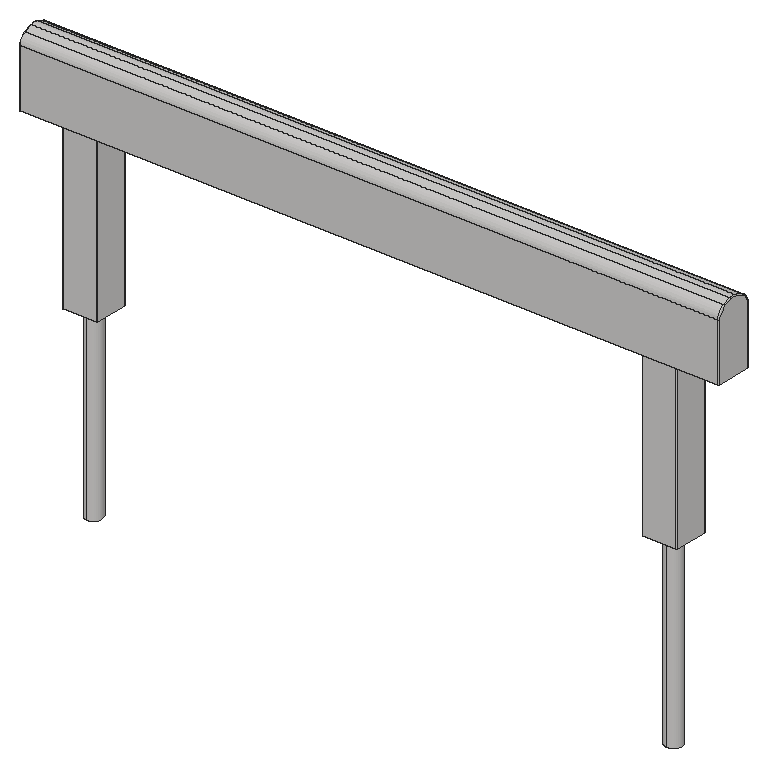
Revit family "PRD_AR_TpsAndWtrSpplOtltFttngs_FittingUnit_AQFU0235-AQFU0239 2", category Plumbing Fixtures, Revit 2023
Family settings
  Round Connector Dimension = Use Diameter
  Part Type = Normal
  OmniClass Number = 23.45.55.11
  OmniClass Title = Sanitary Components
  Work Plane-Based = No
  Enable Cutting in Views = No
  Always vertical = Yes
  Cut with Voids When Loaded = No
  Maintain Annotation Orientation = No
  Shared = No
  Room Calculation Point = No
Parameters (values of type "AQFU0235")
  Width = 1400 mm
  WashPlaceWidth = "700 mm"
  WarrantyStartDate [instance] = "1900-12-31T23:59:59"
  WarrantyGuarantorParts = "n/a"
  WarrantyGuarantorLabor = "n/a"
  WarrantyDurationUnit = "n/a"
  WarrantyDurationParts = "n/a"
  WarrantyDurationLabor = "n/a"
  WarrantyDescription = "n/a"
  Version = "1"
  Uniclass2015Version = "Products v1.38"
  Uniclass2015Title = "Taps and water supply outlet fittings"
  Uniclass2015Code = "Pr_40_20_87"
  URL = "www.kwc-professional.com"
  TypeOfMounting = "mounted on product"
  TypeOfMixing = "yes"
  Type IFC Predefined Type = "USERDEFINED"
  TagNumber [instance] = "n/a"
  SwapMiddleSupport [instance] = no
  SustainabilityPerformance = "n/a"
  Status = "New"
  Size = "1400 x 470 x 73 mm (W x H x D)"
  Shape = "n/a"
  SerialNumber [instance] = "n/a"
  Revision = "n/a"
  ReplacementCost = "n/a"
  Reference = "n/a"
  ProductInformation = "http://pim.kwc.com/product/2030064973/attachment/datasheet?locale=en"
  PositionOfWaterConnection = "from bottom"
  PipingMaterial = PRD_AR_StainlessSteel_HighPolished
  OverallWidth = "1,400 mm"
  OverallHeight = "470 mm"
  OverallDepth = "73 mm"
  OutletSize = 15.0 mm
  InletConversionSize = 25.0 mm
  NumberOfWashPlaces = "4"
  NominalWidth = 1400 mm
  NominalHeight = 470 mm
  NominalDepth = 73 mm
  Name = "Fitting unit for double-row sanitary facilities AQFU0235"
  NBSTypeID = "n/a"
  NBSReference = "n/a"
  NBSOfficeMasterTag = "n/a"
  NBSNote = "n/a"
  NBSDescription = "n/a"
  NBSCertification = "n/a"
  ModelReference = "AQFU0235"
  ModelNumber = "2030064973"
  Model = ModelReference  # "AQFU0235"
  Material = "stainless steel"
  ManufacturerURL = "www.kwc-professional.com"
  ManufacturerName = "KWC Group Management AG"  # constant formula
  Manufacturer = ManufacturerName  # "KWC Group Management AG"
  InstallationDate [instance] = "1900-12-31T23:59:59"
  InletSize = "G1B"
  IfcExportType = "USERDEFINED"
  IfcExportAs = "IfcDistributionChamberElement"
  HygieneFlushing = "no"
  HalfWidth = Width / 2  # 700 mm
  Grade = "n/a"
  FlowHotWater = 0.0 L/s
  FlowColdWater = 0.0 L/s
  Fitting = "separately"
  Finish = "satin finished"
  Features = "With 4 wash places, housing width 1400 mm. Wash place width 700 mm."
  Export Type to IFC As = "IfcDistributionChamberElementType"
  ExpectedLife = "n/a"
  DurationUnit = "n/a"
  Description = "Fitting unit ready for connection with 4 wash places, for mounting on double-row sanitary facilities, for connection to hot and cold water from below via guide pipe holders. Housing made of stainless steel, satin finished with pre-assembled fitting connection blocks, connection options for power supply to electronic fittings, and stainless steel piping."
  Default Elevation = 0 mm
  CreatedOn = "12/2025"  # constant formula
  Constituents = "n/a"
  Color = "n/a"
  CodePerformance = "n/a"
  Circulation = "no"
  Category = "Pr_40_20_87, Taps and water supply outlet fittings"
  BodyMaterial = PRD_AR_StainlessSteel_SatinFinished
  BarCode [instance] = "n/a"
  BIMObjectName = "PRD_AR_TapsAndWaterSupplyOutletFittings_FittingUnit_AQFU0235"
  Author = "Archispace"  # constant formula
  AssetType = "Fixed"
  AssetIdentifier [instance] = "n/a"
  AccessibilityPerformance = "n/a"
Types (5, lengths in mm): name | Width | Size | ProductInformation | OverallWidth | NumberOfWashPlaces | NominalWidth | Name | ModelReference | ModelNumber | Model | HalfWidth | Features | Description | BIMObjectName
  AQFU0235 | 1400 | "1400 x 470 x 73 mm (W x H x D)" | "http://pim.kwc.com/product/2030064973/attachment/datasheet?locale=en" | "1,400 mm" | "4" | 1400 | "Fitting unit for double-row sanitary facilities AQFU0235" | "AQFU0235" | "2030064973" | "AQFU0235" | 700 | "With 4 wash places, housing width 1400 mm. Wash place width 700 mm." | "Fitting unit ready for connection with 4 wash places, for mounting on double-row sanitary facilities, for connection to hot and cold water from below via guide pipe holders. Housing made of stainless steel, satin finished with pre-assembled fitting connection blocks, connection options for power supply to electronic fittings, and stainless steel piping." | "PRD_AR_TapsAndWaterSupplyOutletFittings_FittingUnit_AQFU0235"
  AQFU0236 | 2100 | "2100 x 470 x 73 mm (W x H x D)" | "http://pim.kwc.com/product/2030064974/attachment/datasheet?locale=en" | "2,100 mm" | "6" | 2100 | "Fitting unit for double-row sanitary facilities AQFU0236" | "AQFU0236" | "2030064974" | "AQFU0236" | 1050 | "With 6 wash places, housing width 2100 mm. Wash place width 700 mm." | "Fitting unit ready for connection with 6 wash places, for mounting on double-row sanitary facilities, for connection to hot and cold water from below via guide pipe holders. Housing made of stainless steel, satin finished with pre-assembled fitting connection blocks, connection options for power supply to electronic fittings, and stainless steel piping." | "PRD_AR_TapsAndWaterSupplyOutletFittings_FittingUnit_AQFU0236"
  AQFU0237 | 2800 | "2800 x 470 x 73 mm (W x H x D)" | "http://pim.kwc.com/product/2030064977/attachment/datasheet?locale=en" | "2,800 mm" | "8" | 2800 | "Fitting unit for double-row sanitary facilities AQFU0237" | "AQFU0237" | "2030064977" | "AQFU0237" | 1400 | "With 8 wash places, housing width 2800 mm. Wash place width 700 mm." | "Fitting unit ready for connection with 8 wash places, for mounting on double-row sanitary facilities, for connection to hot and cold water from below via guide pipe holders. Housing made of stainless steel, satin finished with pre-assembled fitting connection blocks, connection options for power supply to electronic fittings, and stainless steel piping." | "PRD_AR_TapsAndWaterSupplyOutletFittings_FittingUnit_AQFU0237"
  AQFU0238 | 3500 | "3500 x 470 x 73 mm (W x H x D)" | "http://pim.kwc.com/product/2030064979/attachment/datasheet?locale=en" | "3,500 mm" | "10" | 3500 | "Fitting unit for double-row sanitary facilities AQFU0238" | "AQFU0238" | "2030064979" | "AQFU0238" | 1750 | "With 10 wash places, housing width 3500 mm. Wash place width 700 mm." | "Fitting unit ready for connection with 10 wash places, for mounting on double-row sanitary facilities, for connection to hot and cold water from below via guide pipe holders. Housing made of stainless steel, satin finished with pre-assembled fitting connection blocks, connection options for power supply to electronic fittings, and stainless steel piping." | "PRD_AR_TapsAndWaterSupplyOutletFittings_FittingUnit_AQFU0238"
  AQFU0239 | 4200 | "4200 x 470 x 73 mm (W x H x D)" | "http://pim.kwc.com/product/2030064984/attachment/datasheet?locale=en" | "4,200 mm" | "12" | 4200 | "Fitting unit for double-row sanitary facilities AQFU0239" | "AQFU0239" | "2030064984" | "AQFU0239" | 2100 | "With 12 wash places, housing width 4200 mm. Wash place width 700 mm." | "Fitting unit ready for connection with 12 wash places, for mounting on double-row sanitary facilities, for connection to hot and cold water from below via guide pipe holders. Housing made of stainless steel, satin finished with pre-assembled fitting connection blocks, connection options for power supply to electronic fittings, and stainless steel piping." | "PRD_AR_TapsAndWaterSupplyOutletFittings_FittingUnit_AQFU0239"
Reference planes
  plane 1 "Center (Front/Back)": y = 0
  plane 2: z = 0
  plane 3 "Center (Left/Right)": x = 0
Dimensions and locks
  aligned and locked: level to plane 2
Nested families
  nested 1: "AQFU02 double" at (0, 0, 0), SwapMiddleSupport <- "SwapMiddleSupport", type "AQFU02 double"
    with SwapMiddleSupport no, MiddleSupportRight no, MiddleSupportLeft no, 4 and 5 and 6 connections no, X 350 mm, Width 1400 mm, BasicWidth 1400 mm
Connectors
  piping at (-580, 0, -375), diameter 25, driven by "InletConversionSize", driven by "FlowHotWater", driven by "InletSize"
    settings: on nested 1, index 1, connector inside diameter 609.6 mm, connector length 0 mm, flow factor 0, pipe flow 0.0 L/s, pressure drop 0.0 Pa, fitting loss kfactor 0, connector angle 0.00°, fixture units 0, engagement length 0 mm, angle of deflection 0.00°, flow configuration 0, flow direction 1, fitting loss method 0, system type 19, joint type 0, gender type 0, connector reference index -1, connector utility 0, adjustable connector no, is connector primary yes, connector description "G1B"
  piping at (580, 0, -375), diameter 25, driven by "InletConversionSize", driven by "FlowColdWater", driven by "InletSize"
    settings: on nested 1, index 2, connector inside diameter 609.6 mm, connector length 0 mm, flow factor 0, pipe flow 0.0 L/s, pressure drop 0.0 Pa, fitting loss kfactor 0, connector angle 0.00°, fixture units 0, engagement length 0 mm, angle of deflection 0.00°, flow configuration 0, flow direction 1, fitting loss method 0, system type 20, joint type 0, gender type 0, connector reference index -1, connector utility 0, adjustable connector no, is connector primary no, connector description "G1B"
Definition of nested family "AQFU02 double"
  Parameters (values of type "AQFU02 double")
    Z = if([6 connections], X, 100 mm)  # 100 mm
    Y = if([5 connections], X, 0 mm)  # 0 mm
    X = BasicWidth / 4  # 400 mm
    Width = 1600 mm
    W = if([4 connections], X, if([5 connections], X * 2, if([6 connections], X * 3, 100 mm)))  # 100 mm
    SwapMiddleSupport [instance] = no
    PipingMaterial = none
    MiddleSupportRight [instance] = and(SwapMiddleSupport, [4 and 5 and 6 connections])  # no
    MiddleSupportLeft [instance] = and(not(SwapMiddleSupport), [4 and 5 and 6 connections])  # no
    BodyMaterial = none
    Default Elevation = 0 mm
    BasicWidth = 1600 mm
    6 connections = Width = BasicWidth + 8 * X  # no
    5 connections = Width = BasicWidth + 6 * X  # no
    4 connections = Width = BasicWidth + 4 * X  # no
    4 and 5 and 6 connections [instance] = Width > BasicWidth + 2 * X  # no
    3 connections = Width = BasicWidth + 2 * X  # no
    3 and 5 connections = or(Width = BasicWidth + 2 * X, Width = BasicWidth + 6 * X)  # no
    2 connections = Width = BasicWidth  # yes
  Reference planes
    plane 1 "Center (Front/Back)": y = 0
    plane 2: z = 0
    plane 3 "Center (Left/Right)": x = 0
    plane 4: x = -800
    plane 5: x = 800
    plane 6: z = 395
    plane 7: z = 325
    plane 8: z = -375
    plane 9: z = 468.46
    plane 10: x = -680
    plane 11: x = 680
    plane 12: y = 36.5
    plane 13: y = -36.5
    plane 14: y = 35
    plane 15: y = -35
    plane 16: x = -400
    plane 17: x = 400
    plane 18: x = -100
    plane 19: x = 100
    plane 20: x = -100
    plane 21: x = 100
    plane 22: x = 0
    plane 23: z = -355
    plane 24: x = 0
  Forms (mm)
    Sweep 1, solid, material <- "BodyMaterial", detail levels fine
      path origin (0, 0, 0) x (1, 0, 0) y (0, 0, 1)
        loop
          line (-800, 325) -> (800, 325)
      profile origin (0, 0, 325) x (0, 0, 1) y (0, -1, 0)
        loop
          line (0, -36.5) -> (116.5, -36.5)
          arc (116.5, -36.5) -> (128.832, -32.612) -> (136.703, -22.353) r 21.5
          line (136.703, -22.353) -> (142.163, -7.353)
          arc (142.163, -7.353) -> (143.46, 0) -> (142.163, 7.353) r 21.5
          line (142.163, 7.353) -> (136.703, 22.353)
          arc (136.703, 22.353) -> (128.832, 32.612) -> (116.5, 36.5) r 21.5
          line (116.5, 36.5) -> (0, 36.5) -> (0, -36.5)
    Sweep 2, solid, material <- "BodyMaterial", detail levels fine
      path origin (0, 0, 0) x (1, 0, 0) y (0, 0, 1)
        loop
          line (-680, 325) -> (-680, 0)
      profile origin (-680, 0, 162.5) x (0, -1, 0) y (1, 0, 0)
        loop
          arc (-35, -33) -> (-34.414, -34.414) -> (-33, -35) r 2
          line (-33, -35) -> (33, -35)
          arc (33, -35) -> (34.414, -34.414) -> (35, -33) r 2
          line (35, -33) -> (35, 33)
          arc (35, 33) -> (34.414, 34.414) -> (33, 35) r 2
          line (33, 35) -> (-33, 35)
          arc (-33, 35) -> (-34.414, 34.414) -> (-35, 33) r 2
          line (-35, 33) -> (-35, -33)
    Sweep 3, solid, material <- "PipingMaterial"
      path origin (0, 0, 0) x (1, 0, 0) y (0, 0, 1)
        loop
          line (-680, 0) -> (-680, -375)
      profile origin (-680, 0, -187.5) x (0, -1, 0) y (1, 0, 0)
        loop
          circle (0, 0) r 16.5
    Sweep 4, void
      path in 3D
        loop
          line (-800, -36.5, 325) -> (-800, -36.5, 441.5)
          arc (-800, -36.5, 441.5) -> (-800, -32.612, 453.832) -> (-800, -22.353, 461.703) r 21.5
          line (-800, -22.353, 461.703) -> (-800, -7.353, 467.163)
          arc (-800, -7.353, 467.163) -> (-800, 0, 468.46) -> (-800, 7.353, 467.163) r 21.5
          line (-800, 7.353, 467.163) -> (-800, 22.353, 461.703)
          arc (-800, 22.353, 461.703) -> (-800, 32.612, 453.832) -> (-800, 36.5, 441.5) r 21.5
          line (-800, 36.5, 441.5) -> (-800, 36.5, 325)
      profile origin (-800, -36.5, 383.25) x (0, 1, 0) y (-1, 0, 0)
        loop
          line (0, 0) -> (0, -2)
          arc (0, -2) -> (0.586, -0.586) -> (2, 0) r 2
          line (2, 0) -> (0, 0)
    Sweep 5, void
      path in 3D
        loop
          line (800, 36.5, 325) -> (800, 36.5, 441.5)
          arc (800, 36.5, 441.5) -> (800, 32.612, 453.832) -> (800, 22.353, 461.703) r 21.5
          line (800, 22.353, 461.703) -> (800, 7.353, 467.163)
          arc (800, 7.353, 467.163) -> (800, 0, 468.46) -> (800, -7.353, 467.163) r 21.5
          line (800, -7.353, 467.163) -> (800, -22.353, 461.703)
          arc (800, -22.353, 461.703) -> (800, -32.612, 453.832) -> (800, -36.5, 441.5) r 21.5
          line (800, -36.5, 441.5) -> (800, -36.5, 325)
      profile origin (800, -36.5, 383.25) x (1, 0, 0) y (0, 1, 0)
        loop
          line (0, 0) -> (0, 2)
          arc (0, 2) -> (-0.586, 0.586) -> (-2, 0) r 2
          line (-2, 0) -> (0, 0)
    Sweep 6, solid, material <- "BodyMaterial", detail levels fine
      path origin (0, 0, 0) x (-1, 0, 0) y (0, 0, -1)
        loop
          line (-680, -325) -> (-680, 0)
      profile origin (680, 0, 162.5) x (0, -1, 0) y (1, 0, 0)
        loop
          line (-35, 33) -> (-35, -33)
          arc (-35, -33) -> (-34.414, -34.414) -> (-33, -35) r 2
          line (-33, -35) -> (33, -35)
          arc (33, -35) -> (34.414, -34.414) -> (35, -33) r 2
          line (35, -33) -> (35, 33)
          arc (35, 33) -> (34.414, 34.414) -> (33, 35) r 2
          line (33, 35) -> (-33, 35)
          arc (-33, 35) -> (-34.414, 34.414) -> (-35, 33) r 2
    Sweep 7, solid, material <- "PipingMaterial"
      path origin (0, 0, 0) x (-1, 0, 0) y (0, 0, -1)
        loop
          line (-680, 0) -> (-680, 375)
      profile origin (680, 0, -187.5) x (0, -1, 0) y (1, 0, 0)
        loop
          circle (0, 0) r 16.5
    Sweep 8, solid, material <- "BodyMaterial", visible <- "MiddleSupportLeft", detail levels fine
      path origin (480, 0, 0) x (1, 0, 0) y (0, 0, 1)
        loop
          line (-480, 325) -> (-480, 0)
      profile origin (0, 0, 162.5) x (0, -1, 0) y (1, 0, 0)
        loop
          arc (-35, -33) -> (-34.414, -34.414) -> (-33, -35) r 2
          line (-33, -35) -> (33, -35)
          arc (33, -35) -> (34.414, -34.414) -> (35, -33) r 2
          line (35, -33) -> (35, 33)
          arc (35, 33) -> (34.414, 34.414) -> (33, 35) r 2
          line (33, 35) -> (-33, 35)
          arc (-33, 35) -> (-34.414, 34.414) -> (-35, 33) r 2
          line (-35, 33) -> (-35, -33)
    Sweep 9, solid, material <- "PipingMaterial", visible <- "MiddleSupportLeft"
      path origin (480, 0, -360) x (1, 0, 0) y (0, 0, 1)
        loop
          line (-480, 360) -> (-480, 5)
      profile origin (0, 0, -177.5) x (0, -1, 0) y (1, 0, 0)
        loop
          circle (0, 0) r 5
    Sweep 10, solid, material <- "BodyMaterial", detail levels medium
      path origin (0, 0, 0) x (1, 0, 0) y (0, 0, 1)
        loop
          line (-800, 325) -> (800, 325)
      profile origin (0, 0, 325) x (0, 0, 1) y (0, -1, 0)
        loop
          line (0, -36.5) -> (116.5, -36.5)
          arc (116.5, -36.5) -> (128.832, -32.612) -> (136.703, -22.353) r 21.5
          line (136.703, -22.353) -> (142.163, -7.353)
          arc (142.163, -7.353) -> (143.46, 0) -> (142.163, 7.353) r 21.5
          line (142.163, 7.353) -> (136.703, 22.353)
          arc (136.703, 22.353) -> (128.832, 32.612) -> (116.5, 36.5) r 21.5
          line (116.5, 36.5) -> (0, 36.5) -> (0, -36.5)
    Sweep 11, solid, material <- "BodyMaterial", detail levels coarse+medium
      path origin (0, 0, 0) x (1, 0, 0) y (0, 0, 1)
        loop
          line (-680, 325) -> (-680, 0)
      profile origin (-680, 0, 162.5) x (0, -1, 0) y (1, 0, 0)
        loop
          line (-35, -35) -> (35, -35) -> (35, 35) -> (-35, 35) -> (-35, -35)
    Sweep 12, solid, material <- "BodyMaterial", detail levels coarse+medium
      path origin (0, 0, 0) x (-1, 0, 0) y (0, 0, -1)
        loop
          line (-680, -325) -> (-680, 0)
      profile origin (680, 0, 162.5) x (0, -1, 0) y (1, 0, 0)
        loop
          line (-35, 35) -> (-35, -35) -> (35, -35) -> (35, 35) -> (-35, 35)
    Sweep 13, solid, material <- "BodyMaterial", visible <- "MiddleSupportLeft", detail levels coarse+medium
      path origin (480, 0, 0) x (1, 0, 0) y (0, 0, 1)
        loop
          line (-480, 325) -> (-480, 0)
      profile origin (0, 0, 162.5) x (0, -1, 0) y (1, 0, 0)
        loop
          line (-35, -35) -> (35, -35) -> (35, 35) -> (-35, 35) -> (-35, -35)
    Sweep 14, solid, material <- "BodyMaterial", detail levels coarse
      path origin (0, 0, 0) x (1, 0, 0) y (0, 0, 1)
        loop
          line (-800, 325) -> (800, 325)
      profile origin (0, 0, 325) x (0, 0, 1) y (0, -1, 0)
        loop
          line (0, -36.5) -> (143.46, -36.5) -> (143.46, 36.5) -> (0, 36.5) -> (0, -36.5)
    Sweep 15, solid, material <- "BodyMaterial", visible <- "MiddleSupportRight", detail levels fine
      path origin (-480, 0, 0) x (-1, 0, 0) y (0, 0, -1)
        loop
          line (-480, -325) -> (-480, 0)
      profile origin (0, 0, 162.5) x (0, -1, 0) y (1, 0, 0)
        loop
          line (-35, 33) -> (-35, -33)
          arc (-35, -33) -> (-34.414, -34.414) -> (-33, -35) r 2
          line (-33, -35) -> (33, -35)
          arc (33, -35) -> (34.414, -34.414) -> (35, -33) r 2
          line (35, -33) -> (35, 33)
          arc (35, 33) -> (34.414, 34.414) -> (33, 35) r 2
          line (33, 35) -> (-33, 35)
          arc (-33, 35) -> (-34.414, 34.414) -> (-35, 33) r 2
    Sweep 16, solid, material <- "PipingMaterial", visible <- "MiddleSupportRight"
      path origin (-480, 0, -360) x (-1, 0, 0) y (0, 0, -1)
        loop
          line (-480, -360) -> (-480, -5)
      profile origin (0, 0, -177.5) x (0, -1, 0) y (1, 0, 0)
        loop
          circle (0, 0) r 5
    Sweep 17, solid, material <- "BodyMaterial", visible <- "MiddleSupportRight", detail levels coarse+medium
      path origin (-480, 0, 0) x (-1, 0, 0) y (0, 0, -1)
        loop
          line (-480, -325) -> (-480, 0)
      profile origin (0, 0, 162.5) x (0, -1, 0) y (1, 0, 0)
        loop
          line (-35, 35) -> (-35, -35) -> (35, -35) -> (35, 35) -> (-35, 35)
  Cuts and joins
    Sweep 4, Sweep 5 cuts Sweep 1
  Lines and regions (mm)
    sketch lines
      curve 1: line (-800, -36.5, 325) -> (-800, -36.5, 441.5)
      curve 2: arc (-800, -22.353, 461.703) -> (-800, -32.612, 453.832) -> (-800, -36.5, 441.5) r 21.5
      curve 3: line (-800, -22.353, 461.703) -> (-800, -7.353, 467.163)
      curve 4: arc (-800, 7.353, 467.163) -> (-800, 0, 468.46) -> (-800, -7.353, 467.163) r 21.5
      curve 5: line (-800, 7.353, 467.163) -> (-800, 22.353, 461.703)
      curve 6: arc (-800, 36.5, 441.5) -> (-800, 32.612, 453.832) -> (-800, 22.353, 461.703) r 21.5
      curve 7: line (-800, 36.5, 441.5) -> (-800, 36.5, 325)
      curve 8: line (800, -36.5, 441.5) -> (800, -36.5, 325)
      curve 9: arc (800, -36.5, 441.5) -> (800, -32.612, 453.832) -> (800, -22.353, 461.703) r 21.5
      curve 10: line (800, -7.353, 467.163) -> (800, -22.353, 461.703)
      curve 11: arc (800, -7.353, 467.163) -> (800, 0, 468.46) -> (800, 7.353, 467.163) r 21.5
      curve 12: line (800, 22.353, 461.703) -> (800, 7.353, 467.163)
      curve 13: arc (800, 22.353, 461.703) -> (800, 32.612, 453.832) -> (800, 36.5, 441.5) r 21.5
      curve 14: line (800, 36.5, 325) -> (800, 36.5, 441.5)
    model lines
      curve 15: circle (-400, -36.5, 395) r 7 normal (0, -1, 0)
      curve 16: line (-400, -36.5, 388) -> (-400, -36.5, 402)
      curve 17: line (-407, -36.5, 395) -> (-393, -36.5, 395)
      curve 18: circle (-400, 36.5, 395) r 7 normal (0, -1, 0)
      curve 19: line (-400, 36.5, 388) -> (-400, 36.5, 402)
      curve 20: line (-407, 36.5, 395) -> (-393, 36.5, 395)
      curve 21: circle (400, -36.5, 395) r 7 normal (0, 1, 0)
      curve 22: circle (400, 36.5, 395) r 7 normal (0, 1, 0)
      curve 53: line (407, 36.5, 395) -> (393, 36.5, 395)
      curve 54: line (400, 36.5, 402) -> (400, 36.5, 388)
      curve 55: line (407, -36.5, 395) -> (393, -36.5, 395)
      curve 56: line (400, -36.5, 402) -> (400, -36.5, 388)
      curve 57: circle (-400, -36.5, 413) r 7.5 normal (0, -1, 0)
      curve 58: circle (-400, 36.5, 413) r 7.5 normal (0, -1, 0)
      curve 59: circle (400, -36.5, 413) r 7.5 normal (0, 1, 0)
      curve 60: circle (400, 36.5, 413) r 7.5 normal (0, 1, 0)
      curve 71: circle (-400, -36.5, 377) r 7.5 normal (0, -1, 0)
      curve 72: circle (-400, 36.5, 377) r 7.5 normal (0, -1, 0)
      curve 73: circle (400, -36.5, 377) r 7.5 normal (0, 1, 0)
      curve 74: circle (400, 36.5, 377) r 7.5 normal (0, 1, 0)
    model lines, visible <- "3 and 5 connections"
      curve 23: circle (0, -36.5, 395) r 7 normal (0, -1, 0)
      curve 24: line (0, -36.5, 388) -> (0, -36.5, 402)
      curve 25: line (-7, -36.5, 395) -> (7, -36.5, 395)
      curve 26: circle (0, 36.5, 395) r 7 normal (0, -1, 0)
      curve 27: line (0, 36.5, 388) -> (0, 36.5, 402)
      curve 28: line (-7, 36.5, 395) -> (7, 36.5, 395)
      curve 61: circle (0, -36.5, 413) r 7.5 normal (0, -1, 0)
      curve 62: circle (0, 36.5, 413) r 7.5 normal (0, -1, 0)
      curve 75: circle (0, -36.5, 377) r 7.5 normal (0, -1, 0)
      curve 76: circle (0, 36.5, 377) r 7.5 normal (0, -1, 0)
    model lines, visible <- "4 and 5 and 6 connections"
      curve 29: circle (-100, -36.5, 395) r 7 normal (0, -1, 0)
      curve 30: line (-100, -36.5, 388) -> (-100, -36.5, 402)
      curve 31: line (-107, -36.5, 395) -> (-93, -36.5, 395)
      curve 32: circle (-100, 36.5, 395) r 7 normal (0, -1, 0)
      curve 33: line (-100, 36.5, 388) -> (-100, 36.5, 402)
      curve 34: line (-107, 36.5, 395) -> (-93, 36.5, 395)
      curve 35: circle (100, -36.5, 395) r 7 normal (0, 1, 0)
      curve 36: line (107, -36.5, 395) -> (93, -36.5, 395)
      curve 37: circle (100, 36.5, 395) r 7 normal (0, 1, 0)
      curve 38: line (107, 36.5, 395) -> (93, 36.5, 395)
      curve 39: line (100, 36.5, 402) -> (100, 36.5, 388)
      curve 40: line (100, -36.5, 402) -> (100, -36.5, 388)
      curve 63: circle (-100, -36.5, 413) r 7.5 normal (0, -1, 0)
      curve 64: circle (-100, 36.5, 413) r 7.5 normal (0, -1, 0)
      curve 65: circle (100, -36.5, 413) r 7.5 normal (0, 1, 0)
      curve 66: circle (100, 36.5, 413) r 7.5 normal (0, 1, 0)
      curve 77: circle (-100, -36.5, 377) r 7.5 normal (0, -1, 0)
      curve 78: circle (-100, 36.5, 377) r 7.5 normal (0, -1, 0)
      curve 79: circle (100, -36.5, 377) r 7.5 normal (0, 1, 0)
      curve 80: circle (100, 36.5, 377) r 7.5 normal (0, 1, 0)
    model lines, visible <- "6 connections"
      curve 41: circle (-100, -36.5, 395) r 7 normal (0, -1, 0)
      curve 42: line (-100, -36.5, 388) -> (-100, -36.5, 402)
      curve 43: line (-107, -36.5, 395) -> (-93, -36.5, 395)
      curve 44: circle (-100, 36.5, 395) r 7 normal (0, -1, 0)
      curve 45: line (-100, 36.5, 388) -> (-100, 36.5, 402)
      curve 46: line (-107, 36.5, 395) -> (-93, 36.5, 395)
      curve 47: circle (100, -36.5, 395) r 7 normal (0, -1, 0)
      curve 48: line (100, -36.5, 388) -> (100, -36.5, 402)
      curve 49: line (93, -36.5, 395) -> (107, -36.5, 395)
      curve 50: circle (100, 36.5, 395) r 7 normal (0, -1, 0)
      curve 51: line (100, 36.5, 388) -> (100, 36.5, 402)
      curve 52: line (93, 36.5, 395) -> (107, 36.5, 395)
      curve 67: circle (-100, -36.5, 413) r 7.5 normal (0, -1, 0)
      curve 68: circle (-100, 36.5, 413) r 7.5 normal (0, -1, 0)
      curve 69: circle (100, -36.5, 413) r 7.5 normal (0, -1, 0)
      curve 70: circle (100, 36.5, 413) r 7.5 normal (0, -1, 0)
      curve 81: circle (-100, -36.5, 377) r 7.5 normal (0, -1, 0)
      curve 82: circle (-100, 36.5, 377) r 7.5 normal (0, -1, 0)
      curve 83: circle (100, -36.5, 377) r 7.5 normal (0, -1, 0)
      curve 84: circle (100, 36.5, 377) r 7.5 normal (0, -1, 0)
  Dimensions and locks
    equal spacing: plane 4, plane 3 "Center (Left/Right)", plane 5
    "Width": plane 4 to plane 5
    locked: plane 6 to level at 395
    locked: plane 9 to plane 7 at 143.46
    locked: plane 7 to plane 8 at 700
    locked: plane 4 to plane 10 at 120
    locked: plane 11 to plane 5 at 120
    locked: plane 12 to plane 13 at 73
    equal spacing: plane 14, plane 1 "Center (Front/Back)", plane 15
    locked: plane 14 to plane 15 at 70
    "X": plane 4 to plane 16
    "X": plane 17 to plane 5
    "W": plane 3 "Center (Left/Right)" to plane 18
    "W": plane 19 to plane 3 "Center (Left/Right)"
    "Z": plane 3 "Center (Left/Right)" to plane 20
    "Z": plane 21 to plane 3 "Center (Left/Right)"
    "Y": plane 3 "Center (Left/Right)" to plane 22
    locked: plane 23 to plane 8 at 20
    "Y": plane 24 to plane 3 "Center (Left/Right)"
    aligned and locked: level to plane 2
    aligned and locked: plane 4 to Sweep 1 sketch curve
    aligned and locked: plane 5 to Sweep 1 sketch curve
    aligned and locked: plane 7 to Sweep 1 sketch curve
    aligned and locked: level to Sweep 2 sketch curve
    aligned and locked: plane 7 to Sweep 2 sketch curve
    aligned and locked: plane 10 to Sweep 2 sketch curve
    aligned and locked: level to Sweep 3 sketch curve
    aligned and locked: plane 8 to Sweep 3 sketch curve
    aligned and locked: plane 10 to Sweep 3 sketch curve
    aligned and locked: plane 7 to Sweep 6 sketch curve
    aligned and locked: level to Sweep 6 sketch curve
    aligned and locked: plane 11 to Sweep 6 sketch curve
    aligned and locked: level to Sweep 7 sketch curve
    aligned and locked: plane 8 to Sweep 7 sketch curve
    aligned and locked: plane 11 to Sweep 7 sketch curve
    aligned and locked: plane 16 to curve 15
    aligned and locked: plane 6 to curve 15
    aligned and locked: plane 16 to curve 16
    aligned and locked: curve 17 to plane 6
    aligned and locked: plane 17 to curve 21
    aligned and locked: plane 6 to curve 21
    aligned and locked: plane 17 to curve 22
    aligned and locked: plane 6 to curve 22
    aligned and locked: plane 16 to curve 18
    aligned and locked: plane 6 to curve 18
    aligned and locked: plane 3 "Center (Left/Right)" to curve 23
    aligned and locked: plane 6 to curve 23
    aligned and locked: plane 3 "Center (Left/Right)" to curve 26
    aligned and locked: plane 6 to curve 26
    aligned and locked: plane 18 to curve 29
    aligned and locked: plane 18 to curve 32
    aligned and locked: plane 6 to curve 29
    aligned and locked: plane 6 to curve 32
    aligned and locked: plane 19 to curve 35
    aligned and locked: plane 6 to curve 35
    aligned and locked: plane 19 to curve 37
    aligned and locked: plane 6 to curve 37
    aligned and locked: plane 18 to curve 30
    aligned and locked: plane 18 to curve 33
    aligned and locked: plane 20 to curve 41
    aligned and locked: plane 6 to curve 41
    aligned and locked: curve 42 to plane 20
    aligned and locked: plane 6 to curve 44
    aligned and locked: curve 43 to plane 6
    aligned and locked: curve 46 to plane 6
    aligned and locked: plane 20 to curve 44
    aligned and locked: curve 45 to plane 20
    aligned and locked: plane 21 to curve 47
    aligned and locked: plane 21 to curve 50
    aligned and locked: curve 48 to plane 21
    aligned and locked: curve 51 to plane 21
    aligned and locked: plane 6 to curve 47
    aligned and locked: plane 6 to curve 50
    aligned and locked: curve 49 to plane 6
    aligned and locked: curve 52 to plane 6
    aligned and locked: plane 6 to curve 53
    aligned and locked: plane 17 to curve 54
    aligned and locked: plane 6 to curve 55
    aligned and locked: plane 17 to curve 56
    aligned and locked: plane 7 to Sweep 8 sketch curve
    aligned and locked: level to Sweep 8 sketch curve
    aligned and locked: Sweep 8 sketch curve to plane 22
    aligned and locked: level to Sweep 9 sketch curve
    aligned and locked: plane 22 to Sweep 9 sketch curve
    aligned and locked: plane 23 to Sweep 9 sketch curve
    aligned and locked: plane 7 to Sweep 11 sketch curve
    aligned and locked: level to Sweep 11 sketch curve
    aligned and locked: plane 10 to Sweep 11 sketch curve
    aligned and locked: level to Sweep 13 sketch curve
    aligned and locked: Sweep 13 sketch curve to plane 22
    aligned and locked: plane 7 to Sweep 13 sketch curve
    aligned and locked: level to Sweep 12 sketch curve
    aligned and locked: plane 7 to Sweep 12 sketch curve
    aligned and locked: plane 11 to Sweep 12 sketch curve
    aligned and locked: plane 4 to Sweep 10 sketch curve
    aligned and locked: plane 5 to Sweep 10 sketch curve
    aligned and locked: plane 4 to Sweep 14 sketch curve
    aligned and locked: plane 5 to Sweep 14 sketch curve
    aligned and locked: Sweep 15 sketch curve to plane 24
    aligned and locked: Sweep 16 sketch curve to plane 24
    aligned and locked: Sweep 17 sketch curve to plane 24
    aligned and locked: level to Sweep 16 sketch curve
    aligned and locked: plane 23 to Sweep 16 sketch curve
  Automatic sketch dimensions
    profile plane to Sweep 1 sketch curve = 0 mm
    Sweep 1 sketch curve to plane 1 "Center (Front/Back)" = 0 mm
    plane 1 "Center (Front/Back)" to Sweep 1 sketch curve = 36.5 mm
    Sweep 1 sketch curve to profile plane = 116.5 mm
    Sweep 1 sketch curve to Sweep 1 sketch curve = 0 mm
    Sweep 1 sketch curve to Sweep 1 sketch curve = 5.46 mm  (x2)
    Sweep 1 sketch curve to plane 1 "Center (Front/Back)" = 22.353 mm
    Sweep 1 sketch curve to Sweep 1 sketch curve = 20.203 mm  (x2)
    plane 1 "Center (Front/Back)" to Sweep 1 sketch curve = 22.353 mm
    Sweep 1 sketch curve to plane 1 "Center (Front/Back)" = 7.353 mm
    plane 1 "Center (Front/Back)" to Sweep 1 sketch curve = 7.353 mm
    Sweep 1 sketch curve to plane 1 "Center (Front/Back)" = 36.5 mm
    Sweep 2 sketch curve to plane 1 "Center (Front/Back)" = 35 mm
    Sweep 2 sketch curve to Sweep 2 sketch curve = 2 mm  (x3)
    plane 1 "Center (Front/Back)" to Sweep 2 sketch curve = 33 mm  (x2)
    profile plane to Sweep 2 sketch curve = 35 mm
    Sweep 2 sketch curve to profile plane = 33 mm
    plane 1 "Center (Front/Back)" to Sweep 3 sketch curve = 0 mm
    Sweep 3 sketch curve to profile plane = 0 mm
    profile plane to Sweep 4 sketch curve = 0 mm
    Sweep 4 sketch curve to profile plane = 0 mm
    Sweep 4 sketch curve to Sweep 4 sketch curve = 2 mm
    profile plane to Sweep 5 sketch curve = 0 mm
    Sweep 5 sketch curve to profile plane = 0 mm
    Sweep 5 sketch curve to profile plane = 2 mm
    Sweep 6 sketch curve to plane 1 "Center (Front/Back)" = 35 mm
    Sweep 6 sketch curve to Sweep 6 sketch curve = 2 mm  (x3)
    plane 1 "Center (Front/Back)" to Sweep 6 sketch curve = 33 mm  (x2)
    profile plane to Sweep 6 sketch curve = 35 mm
    Sweep 6 sketch curve to profile plane = 33 mm
    plane 1 "Center (Front/Back)" to Sweep 7 sketch curve = 0 mm
    Sweep 7 sketch curve to profile plane = 0 mm
    Sweep 8 sketch curve to plane 1 "Center (Front/Back)" = 35 mm
    Sweep 8 sketch curve to Sweep 8 sketch curve = 2 mm  (x3)
    plane 1 "Center (Front/Back)" to Sweep 8 sketch curve = 33 mm  (x2)
    profile plane to Sweep 8 sketch curve = 35 mm
    Sweep 8 sketch curve to profile plane = 33 mm
    plane 1 "Center (Front/Back)" to Sweep 9 sketch curve = 0 mm
    Sweep 9 sketch curve to profile plane = 0 mm
    Sweep 10 sketch curve to plane 7 = 0 mm
    profile plane to Sweep 10 sketch curve = 0 mm
    Sweep 10 sketch curve to profile plane = 0 mm
    profile plane to Sweep 10 sketch curve = 36.5 mm
    Sweep 10 sketch curve to profile plane = 116.5 mm
    Sweep 10 sketch curve to Sweep 10 sketch curve = 0 mm
    Sweep 10 sketch curve to Sweep 10 sketch curve = 5.46 mm  (x2)
    Sweep 10 sketch curve to profile plane = 22.353 mm
    Sweep 10 sketch curve to Sweep 10 sketch curve = 20.203 mm  (x2)
    profile plane to Sweep 10 sketch curve = 22.353 mm
    Sweep 10 sketch curve to profile plane = 7.353 mm
    profile plane to Sweep 10 sketch curve = 7.353 mm
    Sweep 10 sketch curve to profile plane = 36.5 mm
    Sweep 11 sketch curve to profile plane = 35 mm  (x2)
    profile plane to Sweep 11 sketch curve = 35 mm  (x2)
    Sweep 12 sketch curve to profile plane = 35 mm  (x2)
    profile plane to Sweep 12 sketch curve = 35 mm  (x2)
    Sweep 13 sketch curve to profile plane = 35 mm  (x2)
    profile plane to Sweep 13 sketch curve = 35 mm  (x2)
    Sweep 14 sketch curve to plane 7 = 0 mm
    profile plane to Sweep 14 sketch curve = 0 mm
    profile plane to Sweep 14 sketch curve = 36.5 mm
    Sweep 14 sketch curve to profile plane = 143.46 mm
    Sweep 14 sketch curve to profile plane = 36.5 mm
    Sweep 15 sketch curve to plane 7 = 0 mm
    Sweep 15 sketch curve to level = 0 mm
    Sweep 15 sketch curve to plane 1 "Center (Front/Back)" = 35 mm
    Sweep 15 sketch curve to Sweep 15 sketch curve = 2 mm  (x3)
    plane 1 "Center (Front/Back)" to Sweep 15 sketch curve = 33 mm  (x2)
    profile plane to Sweep 15 sketch curve = 35 mm
    Sweep 15 sketch curve to profile plane = 33 mm
    plane 1 "Center (Front/Back)" to Sweep 16 sketch curve = 0 mm
    Sweep 16 sketch curve to profile plane = 0 mm
    Sweep 17 sketch curve to plane 7 = 0 mm
    Sweep 17 sketch curve to level = 0 mm
    Sweep 17 sketch curve to profile plane = 35 mm  (x2)
    profile plane to Sweep 17 sketch curve = 35 mm  (x2)
    curve 39 to plane 19 = 0 mm
    curve 54 to plane 6 = 7 mm
    curve 39 to plane 6 = 7 mm
    plane 6 to curve 39 = 7 mm
    plane 6 to curve 54 = 7 mm
    curve 57 to plane 16 = 0 mm
    plane 21 to curve 69 = 0 mm
    curve 63 to plane 18 = 0 mm
    plane 20 to curve 67 = 0 mm
    plane 17 to curve 59 = 0 mm
    curve 61 to plane 3 "Center (Left/Right)" = 0 mm
    curve 65 to plane 19 = 0 mm
    curve 24 to plane 3 "Center (Left/Right)" = 0 mm
    curve 40 to plane 19 = 0 mm
    curve 31 to plane 6 = 0 mm
    curve 36 to plane 6 = 0 mm
    curve 25 to plane 6 = 0 mm
    curve 71 to plane 16 = 0 mm
    plane 17 to curve 73 = 0 mm
    curve 75 to plane 3 "Center (Left/Right)" = 0 mm
    curve 77 to plane 18 = 0 mm
    curve 79 to plane 19 = 0 mm
    plane 20 to curve 81 = 0 mm
    plane 21 to curve 83 = 0 mm
    plane 6 to curve 65 = 18 mm
    curve 61 to curve 23 = 18 mm
    curve 59 to curve 21 = 18 mm
    curve 67 to curve 41 = 18 mm
    curve 63 to curve 29 = 18 mm
    curve 69 to curve 47 = 18 mm
    plane 6 to curve 57 = 18 mm
    curve 15 to curve 71 = 18 mm
    curve 73 to plane 6 = 18 mm
    curve 75 to plane 6 = 18 mm
    curve 77 to plane 6 = 18 mm
    curve 35 to curve 79 = 18 mm
    curve 81 to plane 6 = 18 mm
    curve 83 to plane 6 = 18 mm
    curve 30 to curve 29 = 7 mm
    curve 42 to curve 41 = 7 mm
    curve 48 to curve 47 = 7 mm
    curve 56 to curve 21 = 7 mm
    plane 6 to curve 40 = 7 mm
    plane 6 to curve 16 = 7 mm
    curve 24 to curve 23 = 7 mm
    plane 17 to curve 60 = 0 mm
    plane 21 to curve 70 = 0 mm
    curve 62 to plane 3 "Center (Left/Right)" = 0 mm
    curve 64 to plane 18 = 0 mm
    curve 58 to plane 16 = 0 mm
    curve 66 to plane 19 = 0 mm
    plane 20 to curve 68 = 0 mm
    plane 21 to curve 51 = 0 mm
    curve 27 to plane 3 "Center (Left/Right)" = 0 mm
    curve 19 to plane 16 = 0 mm
    curve 34 to plane 6 = 0 mm
    curve 28 to plane 6 = 0 mm
    curve 38 to plane 6 = 0 mm
    curve 20 to plane 6 = 0 mm
    curve 72 to plane 16 = 0 mm
    plane 17 to curve 74 = 0 mm
    curve 76 to plane 3 "Center (Left/Right)" = 0 mm
    curve 78 to plane 18 = 0 mm
    curve 80 to plane 19 = 0 mm
    plane 20 to curve 82 = 0 mm
    plane 21 to curve 84 = 0 mm
    plane 6 to curve 68 = 18 mm
    curve 66 to curve 37 = 18 mm
    plane 6 to curve 58 = 18 mm
    plane 6 to curve 64 = 18 mm
    plane 6 to curve 62 = 18 mm
    plane 6 to curve 70 = 18 mm
    curve 60 to curve 22 = 18 mm
    curve 18 to curve 72 = 18 mm
    curve 74 to plane 6 = 18 mm
    curve 26 to curve 76 = 18 mm
    curve 32 to curve 78 = 18 mm
    curve 80 to plane 6 = 18 mm
    curve 44 to curve 82 = 18 mm
    curve 50 to curve 84 = 18 mm
    plane 6 to curve 33 = 7 mm
    plane 6 to curve 19 = 7 mm
    plane 6 to curve 45 = 7 mm
    plane 6 to curve 27 = 7 mm
    plane 6 to curve 51 = 7 mm
    curve 38 to plane 19 = 7 mm
    curve 53 to curve 22 = 7 mm
    radius of Sweep 3 sketch curve = 16.5 mm
    radius of Sweep 7 sketch curve = 16.5 mm
    radius of Sweep 9 sketch curve = 5 mm
    radius of Sweep 16 sketch curve = 5 mm
    radius of curve 57 = 7.5 mm
    radius of curve 59 = 7.5 mm
    radius of curve 61 = 7.5 mm
    radius of curve 63 = 7.5 mm
    radius of curve 65 = 7.5 mm
    radius of curve 67 = 7.5 mm
    radius of curve 69 = 7.5 mm
    radius of curve 71 = 7.5 mm
    radius of curve 73 = 7.5 mm
    radius of curve 75 = 7.5 mm
    radius of curve 77 = 7.5 mm
    radius of curve 79 = 7.5 mm
    radius of curve 81 = 7.5 mm
    radius of curve 83 = 7.5 mm
    radius of curve 58 = 7.5 mm
    radius of curve 60 = 7.5 mm
    radius of curve 62 = 7.5 mm
    radius of curve 64 = 7.5 mm
    radius of curve 66 = 7.5 mm
    radius of curve 68 = 7.5 mm
    radius of curve 70 = 7.5 mm
    radius of curve 72 = 7.5 mm
    radius of curve 74 = 7.5 mm
    radius of curve 76 = 7.5 mm
    radius of curve 78 = 7.5 mm
    radius of curve 80 = 7.5 mm
    radius of curve 82 = 7.5 mm
    radius of curve 84 = 7.5 mm
